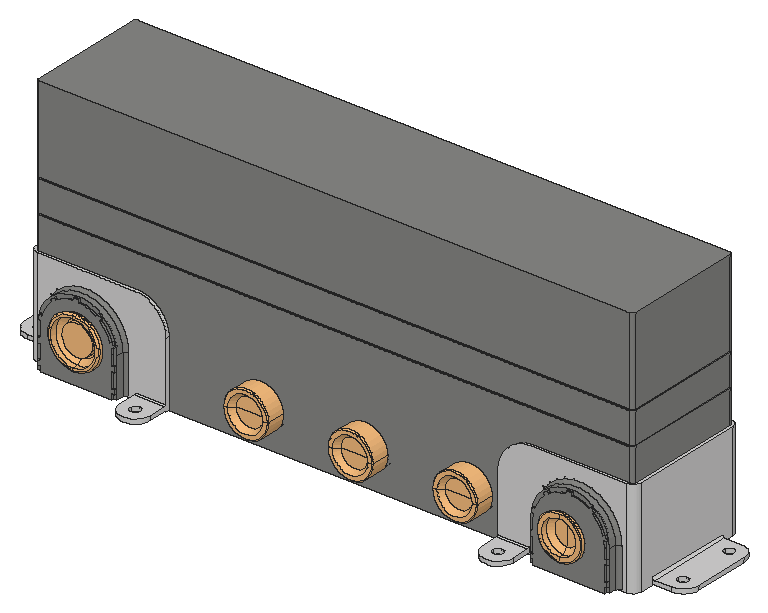
Revit family "Valve-Four_Outlet_Thermostatic-KOHLER-26342W_1", category Plumbing Fixtures, host Face, Revit 2017 (continued)
Definition of nested family "26342W"
  Lines and regions (in)
    symbolic lines, detail levels medium+fine
      curve 222: line (0, -1.85039, 0.62992) -> (0, -1.8897, 0.62992)
      curve 223: line (0, -1.85039, 0.25591) -> (0, -1.8897, 0.25591)
      curve 224: line (0, -1.85039, 0.1378) -> (0, -1.8897, 0.1378)
      curve 225: line (0, 1.92876, 1.64407) -> (0, 1.92876, 0.31459)
      curve 226: line (0, -1.8897, 0.33465) -> (0, -1.8897, 1.62388)
      curve 227: line (0, -1.94882, 0.33465) -> (0, -1.94882, 1.62388)
      curve 228: line (0, -1.79224, 0.01953) -> (0, -2.44056, 0.01953)
      curve 229: line (0, 2.44188, 0.01953) -> (0, 1.7961, 0.01953)
      curve 230: line (-7.23476, 0, 2.38189) -> (-7.23476, 0, 6.10236)
      curve 231: line (7.23528, 0, 2.38189) -> (7.23528, 0, 6.10236)
      curve 232: arc (-1.81655, 0, 1.02987) -> (-1.96647, 0, 0.87995) -> (-1.81655, 0, 0.73004) r 0.14992
      curve 233: arc (-1.81655, 0, 0.73004) -> (-1.66664, 0, 0.87995) -> (-1.81655, 0, 1.02987) r 0.14992
      curve 234: arc (0.7424, 0, 1.02987) -> (0.59248, 0, 0.87995) -> (0.7424, 0, 0.73004) r 0.14992
      curve 235: arc (0.7424, 0, 0.73004) -> (0.89232, 0, 0.87995) -> (0.7424, 0, 1.02987) r 0.14992
      curve 236: arc (3.3062, 0, 1.02987) -> (3.15628, 0, 0.87995) -> (3.3062, 0, 0.73004) r 0.14992
      curve 237: arc (3.3062, 0, 0.73004) -> (3.45611, 0, 0.87995) -> (3.3062, 0, 1.02987) r 0.14992
      curve 238: arc (-6.0332, 0, 1.13417) -> (-6.18312, 0, 0.98425) -> (-6.0332, 0, 0.83434) r 0.14992
      curve 239: arc (-6.0332, 0, 0.83434) -> (-5.88329, 0, 0.98425) -> (-6.0332, 0, 1.13417) r 0.14992
      curve 240: line (0, -1.51575, 2.38189) -> (0, 1.51575, 2.38189)
      curve 241: line (0, -0.04594, 5.70866) -> (0, -0.04594, 2.38189)
      curve 242: line (0, 1.51575, 5.70866) -> (0, -1.51575, 5.70866)
      curve 243: circle (5.84649, 0, 0.87995) r 0.13634 normal (0, -1, 0)
    reference lines
      curve 244: line (-1.81655, 1.5155, 0.87995) -> (-1.81655, 5.7655, 0.87995)
      curve 245: line (5.84649, 1.5155, 0.87995) -> (5.84649, 5.7655, 0.87995)
      curve 246: line (3.3062, 1.5155, 0.87995) -> (3.3062, 5.7655, 0.87995)
      curve 247: line (0.7424, 1.5155, 0.87995) -> (0.7424, 5.7655, 0.87995)
    symbolic lines, detail levels coarse
      curve 248: line (-1.08268, 0, 4.88116) -> (1.08268, 0, 3.70005)
      curve 249: line (1.08268, 0, 4.88116) -> (-1.08268, 0, 3.70005)
      curve 250: line (-1.08268, 0, 3.70005) -> (-1.08268, 0, 4.88116)
      curve 251: line (0, 0, 4.2906) -> (0, 0, 3.22489)
      curve 252: line (1.08268, 0, 4.88116) -> (1.08268, 0, 3.70005)
      curve 253: line (-1.09986, 0, 3.22489) -> (1.0655, 0, 3.22489)
      curve 254: arc (-1.09986, 0, 3.22489) -> (-0.01718, 0, 2.46031) -> (1.0655, 0, 3.22489) r 1.14885
  Dimensions and locks (in)
    plane 6 to plane 4 = 4.88113"
    plane 36 to level = 6.10236"  (x2)
    plane 4 to plane 6 = 4.88113"
    plane 63 to plane 64 = 15.76792"
    plane 5 to plane 7 = 3.0315"
    "Connector 1 Dis": plane 7 to plane 68 "B"
    "Connector 2 Dis": plane 7 to plane 69 "C"
    "Connector 4 Dis": plane 7 to plane 71 "E"
    "Connector 3 Dis": plane 7 to plane 70 "D"
    "Connector 4 Angle": angle plane 48 to curve 245
    "Connector 3 Angle": angle plane 49 to curve 246
    "Connector 2 Angle": angle plane 50 to curve 247
    "Connector 1 Angle": angle curve 244 to plane 47
    aligned and locked: plane 2 to level
    aligned and locked: plane 68 "B" to curve 244
    aligned and locked: plane 71 "E" to curve 245
    aligned and locked: plane 70 "D" to curve 246
    aligned and locked: plane 69 "C" to curve 247
    aligned and locked: curve 245 to Revolve 34 sketch curve
    aligned and locked: Revolve 34 sketch curve to Revolve 34 sketch curve
    aligned and locked: curve 246 to Revolve 35 sketch curve
    aligned and locked: Revolve 35 sketch curve to Revolve 35 sketch curve
    aligned and locked: curve 247 to Revolve 36 sketch curve
    aligned and locked: Revolve 36 sketch curve to Revolve 36 sketch curve
    aligned and locked: curve 244 to Revolve 37 sketch curve
    aligned and locked: Revolve 37 sketch curve to Revolve 37 sketch curve
  Automatic sketch dimensions
    curve 228 to plane 6 = 0"
    curve 191 to plane 39 = 0"
    curve 191 to plane 65 = 0"
    curve 195 to plane 9 = 0"
    curve 242 to plane 7 = 0"
    curve 240 to plane 7 = 0"
    plane 38 to curve 180 = 0"
    curve 180 to plane 36 = 0"
    curve 190 to plane 55 = 0"
    plane 67 to curve 201 = 0"
    curve 188 to plane 58 = 0"
    plane 37 to curve 241 = 0"
    curve 241 to plane 56 = 0"
    curve 186 to plane 57 = 0"
    curve 174 to plane 53 = 0"
    curve 173 to plane 36 = 0"
    curve 173 to plane 52 = 0"
    curve 242 to plane 5 = 0"
    curve 240 to plane 5 = 0"
    curve 179 to plane 8 = 0"
    curve 175 to plane 39 = 0"
    curve 175 to plane 61 = 0"
    curve 177 to level = 0"
    curve 193 to level = 0"
    level to curve 196 = 0.01969"
    curve 200 to plane 39 = 0.04131"
    curve 200 to plane 55 = 0.15925"
    curve 184 to curve 186 = 0.05906"
    level to curve 181 = 0.01969"
    curve 183 to curve 181 = 0.05729"
    curve 182 to plane 39 = 0.04045"
    level to curve 199 = 5/256"
    plane 39 to curve 224 = 0.01951"
    curve 217 to curve 226 = 0"
    curve 228 to curve 196 = 0"
    curve 180 to plane 54 = 0.00017"
    plane 39 to curve 189 = 0.00005"
    curve 189 to plane 59 = 0.02051"
    curve 181 to curve 229 = 0.00386"
    plane 4 to curve 229 = 0.00132"
    level to curve 228 = 5/256"
    level to curve 229 = 5/256"
    plane 39 to curve 213 = 0.01951"
    curve 223 to plane 67 = 0.03876"
    curve 212 to plane 67 = 0.03876"
    curve 212 to curve 225 = 0.05868"
    curve 223 to curve 227 = 0.07874"
    curve 227 to curve 226 = 0"  (x2)
    curve 222 to curve 221 = 0.11811"
    curve 211 to curve 210 = 0.11811"
    curve 209 to curve 208 = 0.0143"
    curve 220 to curve 219 = 0.0143"
    curve 219 to curve 218 = 0.11461"
    curve 208 to curve 207 = 0.11461"
    curve 218 to curve 226 = 0.35658"
    curve 226 to curve 217 = 0.01272"
    curve 207 to curve 206 = 0.36931"
    curve 206 to curve 225 = 0.00746"
    curve 225 to curve 205 = 0.03921"
    curve 217 to curve 216 = 0.04668"
    curve 216 to curve 215 = 0.07273"
    curve 205 to curve 204 = 0.07273"
    curve 204 to curve 203 = 0.10223"
    curve 215 to curve 214 = 0.10223"
    curve 214 to curve 192 = 0.05929"
    curve 203 to curve 176 = 0.05929"
    curve 176 to curve 178 = 0.03927"
    curve 192 to curve 194 = 0.03927"
    curve 178 to curve 177 = 0.1001"
    curve 194 to curve 193 = 0.1001"
    Extrusion 1 sketch curve to plane 12 = 0"
    plane 7 to Extrusion 1 sketch curve = 0"
    plane 52 to Extrusion 1 sketch curve = 0"
    Extrusion 1 sketch curve to plane 5 = 0"
    Extrusion 1 sketch curve to plane 54 = 0.00034"
    Extrusion 1 sketch curve to plane 54 = 0.00017"
    Extrusion 1 sketch curve to plane 46 = 0.01955"
    Extrusion 1 sketch curve to plane 52 = 0.00091"
    Extrusion 2 sketch curve to plane 11 = 0"
    Extrusion 2 sketch curve to plane 9 = 0"  (x2)
    Extrusion 2 sketch curve to plane 41 = 0"
    plane 8 to Extrusion 2 sketch curve = 0"  (x2)
    Extrusion 2 sketch curve to plane 46 = 0"
    Extrusion 2 sketch curve to plane 34 = 0"
    Extrusion 2 sketch curve to plane 53 = 0.00054"
    Extrusion 2 sketch curve to plane 18 = 0.67358"
    plane 24 to Extrusion 2 sketch curve = 0.02185"
    plane 46 to Extrusion 2 sketch curve = 0.00094"
    Extrusion 3 sketch curve to plane 38 = 0"  (x2)
    plane 18 to Extrusion 3 sketch curve = 0"
    Extrusion 3 sketch curve to plane 17 = 0.03718"
    Extrusion 3 sketch curve to plane 63 = 0.06898"
    Extrusion 3 sketch curve to level = 0.30561"
    Extrusion 3 sketch curve to plane 19 = 0.69257"
    plane 49 to Extrusion 3 sketch curve = 0.01689"
    Extrusion 3 sketch curve to plane 25 = 0.00005"
    Extrusion 3 sketch curve to plane 26 = 0.03879"
    Extrusion 3 sketch curve to plane 64 = 0.03215"
    Extrusion 3 sketch curve to level = 0.71748"
    Extrusion 4 sketch curve to Extrusion 4 sketch curve = 0"  (x8)
    Extrusion 4 sketch curve to plane 10 = 0"
    Extrusion 4 sketch curve to plane 59 = 0"  (x2)
    Extrusion 4 sketch curve to plane 63 = 0"  (x2)
    plane 57 to Extrusion 4 sketch curve = 0"  (x2)
    Extrusion 4 sketch curve to plane 58 = 0"  (x2)
    Extrusion 4 sketch curve to plane 11 = 0"
    plane 8 to Extrusion 4 sketch curve = 0"  (x2)
    Extrusion 4 sketch curve to plane 17 = 0"  (x2)
    plane 61 to Extrusion 4 sketch curve = 0"  (x2)
    Extrusion 4 sketch curve to plane 62 = 0"  (x2)
    Extrusion 4 sketch curve to plane 25 = 0"  (x2)
    Extrusion 4 sketch curve to plane 9 = 0"  (x2)
    Extrusion 4 sketch curve to plane 66 = 0"  (x2)
    Extrusion 4 sketch curve to plane 34 = 0"
    Extrusion 4 sketch curve to plane 64 = 0"  (x2)
    Extrusion 4 sketch curve to plane 33 = 0"
    Extrusion 4 sketch curve to plane 63 = 0.00076"
    Extrusion 4 sketch curve to plane 63 = 0.00082"
    Extrusion 4 sketch curve to plane 64 = 0.00082"
    Extrusion 4 sketch curve to plane 64 = 0.00076"
    plane 65 to Extrusion 4 sketch curve = 0.00132"  (x2)
    plane 60 to Extrusion 4 sketch curve = 0.00006"  (x2)
    Sweep 5 sketch curve to plane 13 = 0"
    plane 51 to Sweep 5 sketch curve = 0.00028"
    level to Sweep 5 sketch curve = 0.01969"  (x2)
    Sweep 5 sketch curve to profile plane = 0"  (x2)
    Sweep 5 sketch curve to plane 1 "Center (Front/Back)" = 1.85039"
    Sweep 5 sketch curve to Sweep 5 sketch curve = 0.15748"  (x2)
    Sweep 5 sketch curve to Sweep 5 sketch curve = 0.26176"
    Sweep 5 sketch curve to profile plane = 0.31023"  (x2)
    plane 1 "Center (Front/Back)" to Sweep 5 sketch curve = 1.58863"
    Sweep 5 sketch curve to Sweep 5 sketch curve = 0.10428"
    profile plane to Sweep 5 sketch curve = 0.07652"  (x2)
    plane 32 to Sweep 6 sketch curve = 0"
    Sweep 6 sketch curve to plane 48 = 0.187"
    Sweep 6 sketch curve to level = 0.01969"  (x2)
    Sweep 6 sketch curve to profile plane = 0"  (x2)
    Sweep 6 sketch curve to plane 1 "Center (Front/Back)" = 1.85039"
    Sweep 6 sketch curve to Sweep 6 sketch curve = 0.15748"  (x2)
    Sweep 6 sketch curve to Sweep 6 sketch curve = 0.10428"  (x2)
    profile plane to Sweep 6 sketch curve = 0.31023"  (x2)
    plane 1 "Center (Front/Back)" to Sweep 6 sketch curve = 1.58863"
    Sweep 6 sketch curve to profile plane = 0.10072"  (x2)
    Extrusion 7 sketch curve to Extrusion 7 sketch curve = 0"  (x88)
    plane 14 to Extrusion 7 sketch curve = 0"  (x2)
    Extrusion 7 sketch curve to level = 0"  (x2)
    Extrusion 7 sketch curve to plane 14 = 0.01535"
    Extrusion 7 sketch curve to plane 14 = 0.0439"
    plane 39 to Extrusion 7 sketch curve = 0.01951"  (x4)
    Extrusion 7 sketch curve to Extrusion 7 sketch curve = 0.05906"  (x6)
    Extrusion 7 sketch curve to Extrusion 7 sketch curve = 0.05737"  (x2)
    Extrusion 7 sketch curve to Extrusion 7 sketch curve = 0.05739"  (x2)
    Extrusion 7 sketch curve to plane 14 = 0.31395"
    Extrusion 7 sketch curve to Extrusion 7 sketch curve = 0.03647"  (x4)
    Extrusion 7 sketch curve to Extrusion 7 sketch curve = 0.09306"  (x2)
    Extrusion 7 sketch curve to Extrusion 7 sketch curve = 0.03648"  (x4)
    plane 51 to Extrusion 7 sketch curve = 0.05934"
    plane 51 to Extrusion 7 sketch curve = 0.00028"
    Extrusion 7 sketch curve to plane 51 = 0.05877"
    Extrusion 7 sketch curve to plane 16 = 0.44406"
    Extrusion 7 sketch curve to Extrusion 7 sketch curve = 0.09307"  (x2)
    Extrusion 7 sketch curve to plane 16 = 0.10187"
    Extrusion 7 sketch curve to plane 16 = 0.07329"
    Extrusion 7 sketch curve to plane 16 = 0.05963"  (x3)
    Extrusion 7 sketch curve to plane 16 = 0.04447"
    Extrusion 7 sketch curve to plane 16 = 0.01592"
    Extrusion 7 sketch curve to plane 16 = 0.00057"  (x2)
    Extrusion 7 sketch curve to plane 28 = 0.00036"  (x2)
    Extrusion 7 sketch curve to plane 28 = 0.01572"
    Extrusion 7 sketch curve to plane 28 = 0.04427"
    plane 29 to Extrusion 7 sketch curve = 0.1079"
    plane 48 to Extrusion 7 sketch curve = 0.12774"
    plane 48 to Extrusion 7 sketch curve = 0.18679"
    Extrusion 7 sketch curve to Extrusion 7 sketch curve = 0.11811"  (x5)
    Extrusion 7 sketch curve to plane 30 = 0.11797"
    Extrusion 7 sketch curve to plane 31 = 0.10151"
    Extrusion 7 sketch curve to plane 31 = 0.07293"
    Extrusion 7 sketch curve to plane 31 = 0.05926"  (x3)
    Extrusion 7 sketch curve to plane 31 = 0.04411"
    Extrusion 7 sketch curve to plane 31 = 0.01556"
    Extrusion 7 sketch curve to plane 31 = 0.00021"  (x2)
    Extrusion 7 sketch curve to plane 67 = 0.03876"  (x4)
    Extrusion 7 sketch curve to Extrusion 7 sketch curve = 0.0002"  (x2)
    Extrusion 7 sketch curve to Extrusion 7 sketch curve = 0.0143"  (x4)
    Extrusion 7 sketch curve to Extrusion 7 sketch curve = 0.01431"  (x4)
    Extrusion 7 sketch curve to Extrusion 7 sketch curve = 0.04668"  (x4)
    Extrusion 7 sketch curve to Extrusion 7 sketch curve = 0.04669"  (x4)
    Extrusion 7 sketch curve to Extrusion 7 sketch curve = 0.05929"  (x2)
    Revolve 8 sketch curve to Revolve 8 sketch curve = 0.12098"  (x4)
    Revolve 8 sketch curve to Revolve 8 sketch curve = 0.05692"  (x2)
    Revolve 8 sketch curve to Revolve 8 sketch curve = 0.03924"  (x3)
    Revolve 8 sketch curve to plane 1 "Center (Front/Back)" = 0.1745"
    Revolve 8 sketch curve to plane 59 = 0.0343"
    Revolve 9 sketch curve to Revolve 9 sketch curve = 0.11775"  (x4)
    Revolve 9 sketch curve to Revolve 9 sketch curve = 0.10695"  (x2)
    Revolve 9 sketch curve to Revolve 9 sketch curve = 0.02431"
    Revolve 9 sketch curve to plane 56 = 0.3266"
    Revolve 9 sketch curve to plane 1 "Center (Front/Back)" = 0.12747"
    Revolve 10 sketch curve to plane 23 = 0"
    plane 23 to Revolve 10 sketch curve = 0.01967"  (x2)
    Revolve 10 sketch curve to Revolve 10 sketch curve = 0.09843"  (x2)
    Revolve 10 sketch curve to Revolve 10 sketch curve = 0.09154"  (x2)
    plane 49 to Revolve 10 sketch curve = 0.00898"  (x2)
    Revolve 10 sketch curve to plane 56 = 0.17257"
    Revolve 10 sketch curve to plane 1 "Center (Front/Back)" = 0.15748"
    Revolve 11 sketch curve to plane 50 = 0.00349"  (x2)
    plane 21 to Revolve 11 sketch curve = 0.21045"  (x2)
    plane 21 to Revolve 11 sketch curve = 0.11891"  (x2)
    plane 21 to Revolve 11 sketch curve = 0.02049"  (x2)
    plane 21 to Revolve 11 sketch curve = 0.0008"
    Revolve 11 sketch curve to plane 1 "Center (Front/Back)" = 0.12937"
    Revolve 11 sketch curve to plane 56 = 0.20068"
    plane 19 to Revolve 12 sketch curve = 0.00022"
    plane 19 to Revolve 12 sketch curve = 0.0199"  (x2)
    Revolve 12 sketch curve to Revolve 12 sketch curve = 0.09843"  (x2)
    Revolve 12 sketch curve to Revolve 12 sketch curve = 0.09154"  (x2)
    plane 47 to Revolve 12 sketch curve = 0.00447"  (x2)
    Revolve 12 sketch curve to plane 56 = 0.17257"
    Revolve 12 sketch curve to plane 1 "Center (Front/Back)" = 0.15748"
    Sweep 13 sketch curve to plane 12 = 0"
    plane 7 to Sweep 13 sketch curve = 0"
    Sweep 13 sketch curve to plane 5 = 0"
    plane 52 to Sweep 13 sketch curve = 0"
    Sweep 13 sketch curve to plane 54 = 0.00034"
    Sweep 13 sketch curve to plane 46 = 0.01955"
    Sweep 13 sketch curve to plane 46 = 0.02029"
    Sweep 13 sketch curve to plane 35 = 0.00005"
    profile plane to Sweep 13 sketch curve = 0.03333"
    profile plane to Sweep 13 sketch curve = 0.03033"
    Sweep 13 sketch curve to profile plane = 0.01969"  (x2)
    level to Sweep 13 sketch curve = 3.16929"
    Sweep 13 sketch curve to Sweep 13 sketch curve = 0.03937"  (x2)
    Sweep 13 sketch curve to Sweep 13 sketch curve = 0.74803"
    plane 51 to Extrusion 14 sketch curve = 0"
    plane 48 to Extrusion 15 sketch curve = 0.00898"
    plane 51 to Extrusion 16 sketch curve = 0"
    plane 48 to Extrusion 17 sketch curve = 0.00898"
    Masking region 1 sketch curve to plane 41 = 0"  (x2)
    Masking region 1 sketch curve to plane 9 = 0"
    Masking region 1 sketch curve to plane 46 = 0"  (x2)
    Masking region 1 sketch curve to plane 34 = 0"
    Masking region 2 sketch curve to level = 0"
    Masking region 2 sketch curve to plane 10 = 0"
    Masking region 2 sketch curve to plane 11 = 0"
    Masking region 2 sketch curve to plane 36 = 0"
    plane 34 to Masking region 2 sketch curve = 0"
    plane 33 to Masking region 2 sketch curve = 0"
    Masking region 2 sketch curve to plane 38 = 0"  (x2)
    plane 67 to Masking region 2 sketch curve = 0.0025"
    Masking region 2 sketch curve to Masking region 2 sketch curve = 0.09654"
    Masking region 2 sketch curve to plane 35 = 0.00014"
    plane 67 to Masking region 2 sketch curve = 0.00104"
    Masking region 2 sketch curve to plane 34 = 0.09784"
    Masking region 3 sketch curve to plane 6 = 0"
    Masking region 3 sketch curve to plane 9 = 0"
    Masking region 3 sketch curve to plane 7 = 0"
    Masking region 3 sketch curve to level = 0"
    Masking region 3 sketch curve to plane 8 = 0"
    Masking region 3 sketch curve to plane 36 = 0"
    plane 1 "Center (Front/Back)" to Masking region 3 sketch curve = 0.00047"
    plane 4 to Masking region 3 sketch curve = 0.00134"
    Masking region 3 sketch curve to plane 39 = 0.00002"  (x2)
    Masking region 3 sketch curve to plane 67 = 0.0978"
    Masking region 3 sketch curve to plane 67 = 0.1175"
    Masking region 3 sketch curve to Masking region 3 sketch curve = 0.05906"
    Masking region 3 sketch curve to Masking region 3 sketch curve = 0.03937"  (x2)
    Masking region 3 sketch curve to Masking region 3 sketch curve = 0.03924"  (x2)
    Masking region 3 sketch curve to Masking region 3 sketch curve = 0.05943"
    Masking region 3 sketch curve to Masking region 3 sketch curve = 0.29551"
    Masking region 3 sketch curve to Masking region 3 sketch curve = 0.27532"
    Masking region 3 sketch curve to Masking region 3 sketch curve = 0.03946"  (x2)
    Extrusion 18 sketch curve to plane 39 = 0.0075"
    Extrusion 18 sketch curve to plane 11 = 0.09145"
    plane 11 to Extrusion 18 sketch curve = 0.00742"
    plane 67 to Extrusion 18 sketch curve = 0.01438"
    plane 39 to Extrusion 19 sketch curve = 0.0075"
    plane 34 to Extrusion 19 sketch curve = 0.09145"
    Extrusion 19 sketch curve to plane 34 = 0.00742"
    Extrusion 19 sketch curve to plane 67 = 0.01438"
    plane 8 to Extrusion 20 sketch curve = 0.01095"
    Extrusion 20 sketch curve to plane 39 = 0.00731"
    plane 67 to Extrusion 20 sketch curve = 0.02684"
    plane 8 to Extrusion 21 sketch curve = 0.01095"
    Extrusion 21 sketch curve to plane 39 = 0.00731"
    plane 67 to Extrusion 21 sketch curve = 0.02684"
    Extrusion 22 sketch curve to plane 9 = 0.01095"
    plane 39 to Extrusion 22 sketch curve = 0.00731"
    Extrusion 22 sketch curve to plane 67 = 0.02684"
    plane 9 to Extrusion 23 sketch curve = 0.01095"
    Extrusion 23 sketch curve to plane 39 = 0.00731"
    plane 67 to Extrusion 23 sketch curve = 0.02684"
    Extrusion 25 sketch curve to level = 0"
    plane 11 to Extrusion 25 sketch curve = 0.03593"
    plane 35 to Extrusion 25 sketch curve = 0.0312"
    plane 36 to Extrusion 25 sketch curve = 1/8"
    Extrusion 26 sketch curve to level = 0"
    plane 18 to Extrusion 26 sketch curve = 0"
    Extrusion 26 sketch curve to plane 11 = 1/8"
    Extrusion 26 sketch curve to plane 38 = 1/16"
    Extrusion 27 sketch curve to level = 0"
    Extrusion 27 sketch curve to plane 25 = 0"
    plane 34 to Extrusion 27 sketch curve = 1/8"
    plane 38 to Extrusion 27 sketch curve = 1/16"
    Extrusion 28 sketch curve to level = 0"
    plane 40 to Extrusion 28 sketch curve = 0.01978"
    plane 51 to Extrusion 28 sketch curve = 0.00028"
    Extrusion 29 sketch curve to level = 0"
    plane 45 to Extrusion 29 sketch curve = 0.02186"
    Extrusion 29 sketch curve to plane 48 = 0.187"
    plane 51 to Extrusion 30 sketch curve = 0"
    plane 47 to Extrusion 31 sketch curve = 0.00312"
    Extrusion 31 sketch curve to plane 50 = 0.00215"
    plane 49 to Extrusion 31 sketch curve = 0.00763"
    plane 48 to Extrusion 32 sketch curve = 0.00898"
    Extrusion 33 sketch curve to plane 58 = 0"  (x2)
    Extrusion 33 sketch curve to plane 11 = 0"  (x2)
    plane 8 to Extrusion 33 sketch curve = 0"  (x2)
    Extrusion 33 sketch curve to plane 17 = 0"  (x2)
    plane 61 to Extrusion 33 sketch curve = 0"  (x2)
    Extrusion 33 sketch curve to plane 62 = 0"
    Extrusion 33 sketch curve to plane 25 = 0"
    Extrusion 33 sketch curve to plane 66 = 0"  (x2)
    Extrusion 33 sketch curve to plane 34 = 0"  (x2)
    Extrusion 33 sketch curve to plane 9 = 0"  (x2)
    plane 65 to Extrusion 33 sketch curve = 0.00132"  (x2)
    curve 1 to plane 11 = 0"
    curve 2 to plane 12 = 0"
    plane 7 to curve 14 = 0"
    plane 52 to curve 3 = 0"
    curve 13 to plane 54 = 0"
    plane 8 to curve 4 = 0"
    curve 18 to plane 9 = 0"
    curve 18 to plane 17 = 0"
    plane 8 to curve 12 = 0"
    curve 12 to plane 17 = 0"
    curve 12 to plane 18 = 0"
    curve 14 to plane 18 = 11.30027"
    curve 18 to plane 18 = 0"
    curve 16 to plane 9 = 0"
    plane 8 to curve 9 = 0"
    curve 6 to plane 5 = 0"
    curve 16 to plane 26 = 0"
    curve 9 to plane 26 = 0"
    plane 8 to curve 10 = 0"
    curve 17 to plane 9 = 0"
    curve 11 to plane 34 = 0"
    curve 11 to plane 58 = 0"
    curve 1 to plane 58 = 0"
    plane 57 to curve 11 = 0"
    plane 57 to curve 1 = 0"
    curve 6 to plane 46 = 0.02029"
    curve 8 to plane 35 = 0.00005"
    plane 40 to curve 4 = 0.04169"
    curve 4 to plane 42 = 0.00057"
    curve 16 to plane 25 = 0.00005"
    curve 9 to plane 25 = 0.00005"
    curve 6 to plane 25 = 3.58659"
    curve 10 to plane 44 = 0.03616"
    curve 17 to plane 44 = 0.03616"
    curve 10 to plane 45 = 0.03664"
    curve 17 to plane 45 = 0.03664"
    curve 245 to Revolve 34 sketch curve = 0.00004"
    Revolve 34 sketch curve to Revolve 34 sketch curve = 0.33485"
    curve 245 to Revolve 34 sketch curve = 1/4"
    Revolve 34 sketch curve to Revolve 34 sketch curve = 0.06049"
    Revolve 34 sketch curve to Revolve 34 sketch curve = 0.09843"
    Revolve 35 sketch curve to Revolve 35 sketch curve = 0.42376"
    Revolve 35 sketch curve to Revolve 35 sketch curve = 0.026"
    Revolve 35 sketch curve to Revolve 35 sketch curve = 0.07232"
    curve 246 to Revolve 35 sketch curve = 0.00113"
    curve 246 to Revolve 35 sketch curve = 1/4"
    curve 247 to Revolve 36 sketch curve = 0.0011"
    Revolve 36 sketch curve to Revolve 36 sketch curve = 0.42379"
    curve 247 to Revolve 36 sketch curve = 1/4"
    Revolve 36 sketch curve to Revolve 36 sketch curve = 0.05131"
    Revolve 36 sketch curve to Revolve 36 sketch curve = 0.02811"
    curve 244 to Revolve 37 sketch curve = 0.00116"
    Revolve 37 sketch curve to Revolve 37 sketch curve = 0.42374"
    Revolve 37 sketch curve to Revolve 37 sketch curve = 1/4"
    Revolve 37 sketch curve to Revolve 37 sketch curve = 0.05131"
    Revolve 37 sketch curve to Revolve 37 sketch curve = 0.05188"
    Revolve 37 sketch curve to curve 244 = 0"
    plane 51 to Extrusion 24 sketch curve = 0"
    curve 225 to curve 211 = 0.31533"
    curve 226 to curve 222 = 0.29528"
    plane 72 to curve 179 = 0.1043"
    plane 72 to curve 195 = 0.1043"
    curve 179 to curve 209 = 0.15414"
    curve 195 to curve 220 = 0.15414"
    plane 72 to Sweep 5 sketch curve = 0.10449"
    Sweep 6 sketch curve to plane 72 = 0.10449"
    Extrusion 7 sketch curve to plane 72 = 0.25003"  (x4)
    plane 72 to Extrusion 7 sketch curve = 0.1043"  (x2)
    plane 72 to Revolve 8 sketch curve = 0.1043"  (x2)
    Revolve 8 sketch curve to Revolve 8 sketch curve = 0.4225"  (x2)
    plane 72 to Revolve 9 sketch curve = 0.00587"  (x2)
    Revolve 9 sketch curve to Revolve 9 sketch curve = 0.30218"  (x2)
    plane 72 to Extrusion 14 sketch curve = 0.1043"
    plane 72 to Extrusion 15 sketch curve = 0.00587"
    plane 72 to Extrusion 16 sketch curve = 0.1043"
    plane 72 to Extrusion 17 sketch curve = 0.00587"
    plane 72 to Masking region 3 sketch curve = 0.70469"  (x2)
    plane 72 to Extrusion 24 sketch curve = 0.1043"
    plane 72 to Extrusion 28 sketch curve = 0.10867"
    Extrusion 29 sketch curve to plane 72 = 0.10867"
    plane 72 to Extrusion 30 sketch curve = 0.1043"
    plane 72 to Extrusion 31 sketch curve = 0.00579"  (x3)
    plane 72 to Extrusion 32 sketch curve = 0.00587"
    curve 29 to curve 42 = 0"  (x2)
    curve 29 to curve 46 = 0"
    curve 29 to curve 50 = 0"
    curve 29 to curve 54 = 0"
    curve 29 to curve 58 = 0"
    curve 40 to curve 44 = 0"  (x2)
    curve 40 to curve 48 = 0"  (x2)
    curve 40 to curve 52 = 0"  (x2)
    curve 40 to curve 56 = 0"  (x2)
    curve 40 to curve 60 = 0"
    curve 42 to curve 46 = 0"
    curve 42 to curve 50 = 0"
    curve 42 to curve 54 = 0"
    curve 42 to curve 58 = 0"
    curve 52 to curve 60 = 0"
    curve 73 to curve 75 = 0"
    curve 73 to curve 76 = 0"  (x2)
    curve 73 to curve 238 = 0"
    curve 74 to curve 239 = 0"
    curve 75 to curve 239 = 0"
    curve 79 to curve 81 = 0"  (x2)
    curve 79 to curve 83 = 0"
    curve 80 to curve 81 = 0"
    curve 85 to curve 87 = 0"  (x2)
    curve 85 to curve 89 = 0"
    curve 87 to curve 89 = 0"
    curve 91 to curve 93 = 0"  (x2)
    curve 92 to curve 96 = 0"  (x2)
    curve 117 to curve 121 = 0"  (x2)
    curve 120 to curve 123 = 0"  (x2)
    curve 121 to curve 133 = 0"  (x2)
    curve 121 to curve 137 = 0"
    curve 123 to curve 135 = 0"  (x2)
    curve 125 to curve 133 = 0"  (x2)
    curve 125 to curve 137 = 0"
    curve 127 to curve 135 = 0"  (x2)
    curve 129 to curve 133 = 0"  (x2)
    curve 131 to curve 135 = 0"  (x2)
    curve 148 to curve 150 = 0"
    curve 149 to curve 151 = 0"
    curve 149 to curve 152 = 0"  (x2)
    curve 150 to curve 151 = 0"
    curve 151 to curve 152 = 0"
    curve 167 to plane 10 = 0"
    plane 12 to curve 22 = 0"
    plane 12 to curve 19 = 0"
    curve 230 to plane 36 = 0"
    curve 230 to plane 38 = 0"
    curve 20 to plane 41 = 0"
    plane 40 to curve 71 = 0"
    curve 30 to plane 13 = 0"
    plane 14 to curve 37 = 0"
    plane 14 to curve 32 = 0"
    curve 39 to plane 73 = 0"
    curve 31 to level = 0"
    plane 51 to curve 74 = 0"
    curve 69 to level = 0"
    curve 72 to plane 42 = 0"
    plane 43 to curve 163 = 0"
    curve 26 to plane 17 = 0"
    curve 161 to plane 17 = 0"
    plane 18 to curve 24 = 0"
    plane 47 to curve 232 = 0"
    curve 234 to plane 50 = 0"
    plane 49 to curve 236 = 0"
    curve 98 to plane 39 = 0"
    curve 101 to level = 0"
    plane 26 to curve 98 = 0"
    plane 26 to curve 156 = 0"
    curve 102 to plane 38 = 0"
    plane 44 to curve 104 = 0"
    curve 144 to level = 0"
    curve 137 to plane 73 = 0"
    curve 243 to plane 48 = 0"
    curve 108 to level = 0"
    curve 116 to plane 73 = 0"
    plane 32 to curve 107 = 0"
    curve 153 to plane 45 = 0"
    plane 46 to curve 155 = 0"
    curve 231 to plane 36 = 0"
    curve 19 to plane 37 = 0"
    curve 25 to plane 39 = 0"
    curve 243 to plane 72 = 0"
    curve 233 to plane 72 = 0"
    curve 237 to plane 72 = 0"
    curve 235 to plane 72 = 0"
    curve 239 to plane 73 = 0"
    curve 41 to plane 14 = 0.01535"
    curve 43 to plane 14 = 0.0439"
    curve 36 to curve 35 = 0.05906"
    curve 37 to curve 38 = 0.05906"
    plane 39 to curve 31 = 0.01951"
    curve 32 to curve 31 = 0.05906"
    curve 42 to curve 41 = 0.05737"
    curve 42 to curve 43 = 0.05739"
    curve 45 to plane 14 = 0.31395"
    curve 46 to curve 45 = 0.03647"
    curve 45 to curve 47 = 0.09306"
    curve 46 to curve 47 = 0.03648"
    plane 51 to curve 49 = 0.05934"
    plane 51 to curve 40 = 0.00028"
    curve 46 to curve 60 = 0"
    curve 51 to plane 51 = 0.05877"
    curve 53 to plane 16 = 0.44406"
    curve 53 to curve 53 = 0.03648"
    curve 52 to curve 55 = 0.09307"
    curve 55 to curve 55 = 0.03647"
    curve 57 to plane 16 = 0.10187"
    curve 59 to plane 16 = 0.07329"
    plane 39 to curve 69 = 0.01951"
    curve 69 to plane 16 = 0.05963"
    curve 65 to plane 16 = 0.05963"
    curve 62 to plane 16 = 0.05963"
    curve 57 to plane 16 = 0.04447"
    curve 59 to plane 16 = 0.01592"
    curve 63 to plane 16 = 0.00057"
    curve 66 to plane 16 = 0.00057"
    plane 42 to curve 164 = 0.00668"
    curve 22 to plane 17 = 0.03718"
    plane 47 to curve 84 = 0.00447"
    curve 88 to plane 50 = 0.00349"
    plane 49 to curve 94 = 0.00898"
    curve 101 to plane 25 = 0.00005"
    curve 102 to plane 26 = 0.03879"
    plane 67 to curve 159 = 0.00067"
    curve 157 to curve 159 = 0.05903"
    level to curve 97 = 0.01969"
    curve 97 to plane 44 = 0.02813"
    curve 105 to plane 73 = 0.0002"
    plane 27 to curve 105 = 0.00057"
    curve 139 to plane 28 = 0.00036"
    curve 145 to plane 28 = 0.00036"
    curve 136 to plane 28 = 0.01572"
    curve 134 to plane 28 = 0.04428"
    curve 140 to curve 141 = 0.05906"
    plane 39 to curve 144 = 0.01951"
    curve 142 to curve 144 = 0.05906"
    curve 138 to plane 28 = 0.05942"
    curve 136 to curve 136 = 0.05737"
    curve 134 to curve 134 = 0.05739"
    plane 29 to curve 132 = 0.1079"
    curve 132 to curve 132 = 0.03647"
    curve 131 to curve 130 = 0.09317"
    curve 130 to curve 130 = 0.03648"
    plane 48 to curve 147 = 0.00898"
    plane 48 to curve 128 = 0.12774"
    curve 137 to curve 106 = 0.00021"
    curve 123 to curve 137 = 0"
    curve 127 to curve 126 = 0.11827"
    curve 124 to plane 30 = 0.11797"
    curve 125 to curve 124 = 0.03648"
    curve 125 to curve 122 = 0.09317"
    curve 121 to curve 122 = 0.03647"
    curve 119 to plane 31 = 0.10151"
    curve 118 to plane 31 = 0.07292"
    plane 39 to curve 108 = 0.01951"
    curve 108 to plane 31 = 0.05926"
    curve 112 to plane 31 = 0.0591"
    curve 115 to plane 31 = 0.0591"
    curve 119 to plane 31 = 0.04411"
    curve 118 to plane 31 = 0.01556"
    curve 110 to plane 31 = 0.00021"
    curve 114 to plane 31 = 0.00005"
    level to curve 27 = 5/256"
    level to curve 100 = 5/256"
    level to curve 164 = 0.01969"
    plane 67 to curve 163 = 0.00051"
    curve 35 to plane 67 = 0.03876"
    curve 65 to plane 67 = 0.03876"
    curve 142 to plane 67 = 0.03876"
    curve 110 to plane 67 = 0.03876"
    curve 63 to plane 72 = 0.25003"
    curve 114 to plane 72 = 0.25003"
    curve 143 to plane 72 = 0.25003"
    curve 37 to plane 72 = 0.25003"
    curve 35 to curve 39 = 0.11811"
    curve 112 to curve 115 = 0.11811"
    curve 63 to curve 63 = 0.11811"
    curve 141 to curve 138 = 0.11811"
    plane 72 to curve 96 = 0.00579"
    plane 72 to curve 90 = 0.00579"
    plane 72 to curve 84 = 0.00579"
    plane 72 to curve 151 = 0.00587"
    curve 50 to plane 73 = 0.0002"
    curve 137 to curve 127 = 0.0002"
    curve 72 to plane 73 = 0.00318"
    curve 106 to curve 154 = 0.00407"
    curve 118 to plane 73 = 0.1541"
    curve 117 to curve 118 = 0.0143"
    curve 41 to curve 41 = 0.0143"
    curve 137 to curve 136 = 0.0143"
    curve 59 to curve 59 = 0.0143"
    curve 57 to curve 57 = 0.01431"
    curve 43 to curve 42 = 0.01431"
    curve 119 to curve 119 = 0.01431"
    curve 134 to curve 134 = 0.01431"
    curve 121 to curve 122 = 0.04668"
    curve 45 to curve 45 = 0.04668"
    curve 55 to curve 55 = 0.04668"
    curve 133 to curve 132 = 0.04668"
    curve 53 to curve 53 = 0.04669"
    curve 124 to curve 124 = 0.04669"
    curve 47 to curve 46 = 0.04669"
    curve 130 to curve 130 = 0.04669"
    curve 125 to curve 126 = 0.05929"
    curve 51 to curve 51 = 0.05929"
    curve 21 to plane 63 = 0.00008"
    curve 230 to plane 41 = 0.01976"
    curve 167 to curve 31 = 0"
    plane 19 to curve 84 = 0.00022"
    curve 79 to curve 83 = 0.01968"
    curve 80 to curve 81 = 0.09843"
    plane 21 to curve 85 = 0.0008"
    curve 85 to curve 89 = 0.01968"
    curve 86 to curve 88 = 0.09843"
    curve 91 to plane 23 = 0"
    plane 23 to curve 92 = 0.01967"
    curve 95 to curve 93 = 0.09843"
    curve 231 to plane 46 = 0.02029"
    curve 19 to plane 35 = 0.00005"
    curve 103 to plane 35 = 0.00005"
    plane 33 to curve 166 = 0.00336"
    level to curve 153 = 0.01969"
    level to curve 71 = 0.01969"
    level to curve 30 = 0.01969"
    curve 168 to plane 39 = 0.03955"
    curve 169 to plane 39 = 0.03955"
    curve 170 to plane 39 = 0.03955"
    curve 171 to plane 39 = 0.03955"
    curve 21 to plane 39 = 0.00018"
    plane 67 to curve 156 = 0.00061"
    curve 161 to curve 26 = 0.00011"
    curve 151 to plane 67 = 0.1175"
    curve 74 to plane 67 = 0.12747"
    curve 146 to curve 147 = 0.02431"
    curve 73 to curve 78 = 0.03924"
    curve 75 to curve 76 = 0.05692"
    curve 147 to curve 148 = 0.10695"
    curve 235 to plane 72 = 0.14992"
    curve 232 to plane 72 = 0.14992"
    curve 237 to curve 236 = 0.14992"
    curve 239 to plane 72 = 0.04562"
    plane 8 to Masking region 1 sketch curve = 0"
    Masking region 1 sketch curve to plane 11 = 0"
    curve 15 to plane 54 = 0.00066"
    curve 15 to plane 46 = 0.02029"
    Extrusion 3 sketch curve to plane 38 = 1"
    Extrusion 3 sketch curve to Extrusion 3 sketch curve = 1"
    plane 37 to curve 250 = 0.82751"
    plane 33 to curve 250 = 9.34057"
    curve 249 to curve 250 = 1.1811"
    plane 37 to curve 249 = 0.82751"
    curve 248 to curve 249 = 2.16535"
    curve 248 to plane 38 = 1.31816"
    curve 248 to curve 251 = 1.08268"
    curve 251 to plane 38 = 0.843"
    curve 253 to curve 249 = 0.01718"
    curve 253 to curve 248 = 0.01718"
    curve 251 to curve 254 = 0.38428"
    Extrusion 33 sketch curve to Extrusion 33 sketch curve = 0"  (x8)
    Extrusion 33 sketch curve to plane 62 = 0.12509"
    Extrusion 33 sketch curve to plane 63 = 0"  (x2)
    plane 60 to Extrusion 33 sketch curve = 0.00006"  (x2)
    Extrusion 33 sketch curve to Extrusion 33 sketch curve = 0.12529"  (x2)
    Extrusion 33 sketch curve to plane 59 = 0"  (x2)
    Extrusion 33 sketch curve to plane 62 = 0.12354"
    Extrusion 33 sketch curve to Extrusion 33 sketch curve = 0.12354"
    Extrusion 33 sketch curve to Extrusion 33 sketch curve = 0.12509"
    Extrusion 33 sketch curve to plane 64 = 0"  (x2)
    Extrusion 33 sketch curve to plane 64 = 0.12529"  (x2)
    plane 57 to Extrusion 33 sketch curve = 0"  (x2)
    Extrusion 33 sketch curve to plane 33 = 0"
    Extrusion 33 sketch curve to plane 10 = 0"
    curve 192 to plane 39 = 0.04045"
    plane 65 to curve 192 = 0.21747"
    curve 227 to curve 217 = 0.09843"
    curve 216 to curve 216 = 0.03931"
    curve 218 to curve 218 = 0.03931"
    curve 215 to curve 215 = 0.03931"
    curve 214 to curve 214 = 0.03931"
    curve 224 to curve 224 = 0.03931"
    curve 223 to curve 223 = 0.03931"
    curve 194 to plane 9 = 0.09843"
    Revolve 8 sketch curve to plane 9 = 0.13493"
    plane 65 to Revolve 8 sketch curve = 0.11891"
    Revolve 9 sketch curve to plane 9 = 0.13493"
    plane 65 to Revolve 9 sketch curve = 0.11904"
    Revolve 9 sketch curve to Revolve 9 sketch curve = 0.01969"  (x2)
    plane 65 to Revolve 10 sketch curve = 0.23009"
    plane 65 to Revolve 10 sketch curve = 0.12747"
    plane 65 to Revolve 10 sketch curve = 0.09936"
    plane 65 to Revolve 11 sketch curve = 0.23009"
    plane 65 to Revolve 11 sketch curve = 0.12747"
    plane 65 to Revolve 11 sketch curve = 0.09936"
    plane 65 to Revolve 12 sketch curve = 0.23009"
    plane 65 to Revolve 12 sketch curve = 0.12747"
    plane 65 to Revolve 12 sketch curve = 0.09936"
    plane 65 to Masking region 3 sketch curve = 0.07967"
    Masking region 3 sketch curve to Masking region 3 sketch curve = 0.05925"
    Masking region 3 sketch curve to Masking region 3 sketch curve = 0.05912"
    Masking region 3 sketch curve to Masking region 3 sketch curve = 0.03931"
    Masking region 3 sketch curve to Masking region 3 sketch curve = 0.09784"
    plane 9 to Extrusion 22 sketch curve = 0.05998"
    Extrusion 23 sketch curve to plane 9 = 0.05998"
    curve 182 to plane 8 = 0.19775"
    curve 178 to plane 8 = 0.09843"
    plane 61 to curve 179 = 0.1391"
    curve 213 to curve 213 = 0.07874"
    curve 204 to curve 204 = 0.07874"
    curve 203 to curve 203 = 0.07874"
    curve 225 to curve 212 = 0.00037"
    curve 225 to curve 205 = 0.00037"
    Revolve 8 sketch curve to plane 8 = 0.13493"
    plane 61 to Revolve 8 sketch curve = 0.11891"
    Revolve 9 sketch curve to plane 8 = 0.13493"
    plane 61 to Revolve 9 sketch curve = 0.11904"
    plane 61 to Revolve 10 sketch curve = 0.23009"
    plane 61 to Revolve 10 sketch curve = 0.12747"
    Revolve 10 sketch curve to Revolve 10 sketch curve = 0.02811"
    plane 61 to Revolve 11 sketch curve = 0.23008"
    plane 61 to Revolve 11 sketch curve = 0.12747"
    Revolve 11 sketch curve to Revolve 11 sketch curve = 0.02811"
    plane 61 to Revolve 12 sketch curve = 0.23009"
    plane 61 to Revolve 12 sketch curve = 0.12747"
    Revolve 12 sketch curve to Revolve 12 sketch curve = 0.02811"
    Masking region 3 sketch curve to plane 8 = 0.09784"
    Masking region 3 sketch curve to Masking region 3 sketch curve = 0.15807"
    plane 61 to Masking region 3 sketch curve = 0.1391"
    plane 61 to Masking region 3 sketch curve = 0.13874"
    plane 61 to Masking region 3 sketch curve = 0.07967"
    Extrusion 20 sketch curve to plane 8 = 0.05998"
    Extrusion 21 sketch curve to plane 8 = 0.05998"
    plane 12 to Masking region 2 sketch curve = 0"
    Masking region 3 sketch curve to plane 5 = 0"
    plane 38 to Masking region 3 sketch curve = 0"  (x2)
    curve 244 to plane 47 = 0"
    curve 247 to plane 50 = 0"
    curve 246 to plane 49 = 0"
    curve 245 to plane 48 = 0"
    radius of Extrusion 4 sketch curve = 0.12529"  (x4)
    radius of Extrusion 4 sketch curve = 0.12354"  (x2)
    radius of Extrusion 4 sketch curve = 0.12509"  (x2)
    radius of Extrusion 14 sketch curve = 0.60039"
    radius of Extrusion 15 sketch curve = 0.44719"
    radius of Extrusion 16 sketch curve = 0.60039"
    radius of Extrusion 17 sketch curve = 1/2"
    radius of Extrusion 30 sketch curve = 0.69038"
    radius of Extrusion 31 sketch curve = 0.58377"  (x3)
    radius of Extrusion 32 sketch curve = 0.56629"
    radius of Extrusion 24 sketch curve = 3/8"
    radius of curve 152 = 0.35767"
    radius of curve 243 = 0.13634"
